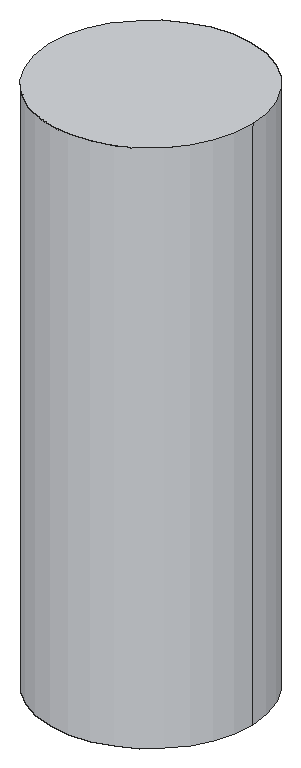
Revit family "Kohler Kankara 76600IN-0 Family", category Plumbing Fixtures, Revit 2018
Family settings
  Round Connector Dimension = Use Diameter
  Part Type = Normal
  OmniClass Number = 23.45.00.00
  OmniClass Title = Sanitary, Laundry, and Cleaning Equipment
  Work Plane-Based = No
  Always vertical = Yes
  Cut with Voids When Loaded = No
  Shared = No
  Room Calculation Point = No
Parameters (values of type "Kohler 76600IN-0")
  Width = 438 mm
  URL = "http://www.us.kohler.com"
  Model = "Kohler Kankara 76600IN-0"
  Material = Snow
  Manufacturer = "Kohler"
  Length = 568 mm
  Heigth = 140 mm
  Description = "Vessel with single mixer hole in white"
Reference planes
  plane 1 "Center (Front/Back)": y = 0
  plane 2: z = 0
  plane 3 "Center (Left/Right)": x = 0
Forms (mm)
  Extrusion 1, solid
    sketch origin (-100.582, -5.831, 0) x (1, 0, 0) y (0, 1, 0)
      loop
        circle (285.986, 179.583) r 20
    from -140 to -34.655
Dimensions and locks
  aligned and locked: level to plane 2
Connectors
  piping at (185.404, 173.752, -140), diameter 20
    settings: on Extrusion 1, index 1, connector inside diameter 609.6 mm, connector length 0 mm, flow factor 0, pipe flow 0.0 L/s, pressure drop 0.0 Pa, fitting loss kfactor 0, connector angle 0.00°, fixture units 0, engagement length 0 mm, angle of deflection 0.00°, flow configuration 0, flow direction 0, fitting loss method 0, system type 20, joint type 0, gender type 0, connector reference index -1, connector utility 0, adjustable connector no, is connector primary yes, connector description ""
  piping at (185.404, 173.752, -140), diameter 20
    settings: on Extrusion 1, index 2, connector inside diameter 609.6 mm, connector length 0 mm, flow factor 0, pipe flow 0.0 L/s, pressure drop 0.0 Pa, fitting loss kfactor 0, connector angle 0.00°, fixture units 0, engagement length 0 mm, angle of deflection 0.00°, flow configuration 0, flow direction 0, fitting loss method 0, system type 19, joint type 0, gender type 0, connector reference index -1, connector utility 0, adjustable connector no, is connector primary no, connector description ""
